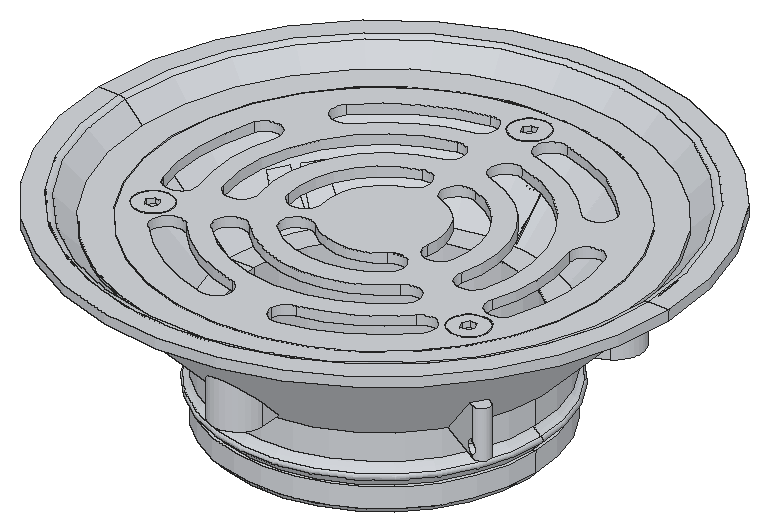
Revit family "Plumbing Fixture_GalvinSpecialised_Floor_Drain_SS_69468X_F", category Plumbing Fixtures, host Face, Revit 2019
Family settings
  Host = Face
  Round Connector Dimension = Use Diameter
  Part Type = Normal
  Cut with Voids When Loaded = No
  Shared = No
  Room Calculation Point = No
Parameters (values of type "Type 1")
  Waste Connection = no
  Vent Connection = no
  Variants = "NA"
  Vandal_Resistant = no
  URL = "http://www.galvinengineering.com.au"
  Thread = "NA"
  Specify_Host = "Face"
  SKU_Code = "69468X"
  Product_Type = "Drain"
  Product_Range = "Specialised"
  PlumbingMaterial_ANZRS = SS
  PlumbingFinish = "SS/ABS"
  Mounting_Surface = "Floor"
  Mounting = "Floor"
  Manufacturer_Phone_No = "1300-514-074"
  Manufacturer_OverallWidth = 0 mm
  Manufacturer_OverallHeight = 0 mm
  Manufacturer_OverallDepth = 0 mm
  Manufacturer = "Galvin Engineering"
  Instructions = ""
  HW Connection = no
  FlowRate = "NA"
  FilterObject_ANZRS = ""
  Description = "SS Slip-Safe Vinyl Bolted Cleanout 150 x 100 PVC/HDPE/CU Slip-In"
  Default Elevation = 1219.2 mm
  CategoryStyleOrType_ANZRS = "Plumbing Fixture"
  CW Connection = no
  Application = "Commercial"
  Anti_Ligature = no
Reference planes
  plane 1 "Center (Front/Back)": y = 0
  plane 2: z = 0
  plane 3 "Center (Left/Right)": x = 0
Forms (mm)
  Revolve 1, void
    sketch origin (0, 0, 0) x (1, 0, 0) y (0, 0, 1)
      loop
        line (0, 0) -> (-92.258, 0) -> (-92.258, -3) -> (-87.815, -3) -> (-51.815, -39) -> (-49.958, -39) -> (-49.958, -62) -> (-47.958, -64) -> (0, -64) -> (0, 0)
      axis (0, 0) -> (0, -64)
    angle from 0 to 360
Dimensions and locks
  aligned and locked: plane 2 to host face
  aligned and locked: level to host face
Nested families
  nested 1: "X_Plumbing Fixture_GalvinSpecialised_Floor_Drain_SS_69468X_F" at (0, 0, 0), type "Type 1"
Definition of nested family "X_Plumbing Fixture_GalvinSpecialised_Floor_Drain_SS_69468X_F"
  Parameters (values of type "Type 1")
    URL = "http://www.galvinengineering.com.au"
    Manufacturer = "Galvin Engineering"
    Description = "DI HI-FLOW FLAT VERT RAINWATER OUTLET (W/- MEM C/RING) 150BSP"
  Reference planes
    plane 1 "Center (Front/Back)": y = 0
    plane 2: z = 0
    plane 3 "Center (Left/Right)": x = 0
  Forms (mm)
    Revolve 1, solid
      sketch origin (-283.115, 0, -118.952) x (1, 0, 0) y (0, 0, 1)
        loop
          line (195.768, 115.952) -> (232.002, 79.719) -> (233.781, 79.719) -> (233.781, 70.464) -> (235.028, 70.464)
          arc (235.028, 70.464) -> (233.807, 68.829) -> (232.212, 67.557) r 8
          arc (232.212, 67.557) -> (231.731, 66.702) -> (232.212, 65.847) r 1
          arc (232.212, 65.847) -> (233.802, 64.58) -> (235.021, 62.952) r 8
          line (235.021, 62.952) -> (233.781, 62.952) -> (233.781, 56.639) -> (235.852, 54.569) -> (241.156, 54.569) -> (241.156, 83.952) -> (232.956, 83.952) -> (200.956, 115.952) -> (195.768, 115.952)
        axis (283.106, 115.952) -> (283.106, 54.569)
      angle from 0 to 360
    Extrusion 2, solid
      sketch origin (-0.008, 0, -6.036) x (1, 0, 0) y (0, 1, 0)
        loop
          circle (0, 0) r 68.5
        loop
          arc (-12.439, 58.543) -> (-29.925, 51.832) -> (-44.48, 40.044) r 59.85
          arc (-44.48, 40.044) -> (-44.11, 32.983) -> (-37.048, 33.353) r 5
          arc (-37.048, 33.353) -> (-24.925, 43.171) -> (-10.361, 48.761) r 49.85
          arc (-10.361, 48.761) -> (-6.509, 54.691) -> (-12.439, 58.543) r 5
        loop
          arc (-10.645, 42.693) -> (-38.105, 22) -> (-42.296, -12.128) r 44
          arc (-42.296, -12.128) -> (-36.111, -15.556) -> (-32.683, -9.372) r 5
          arc (-32.683, -9.372) -> (-29.445, 17) -> (-8.225, 32.99) r 34
          arc (-8.225, 32.99) -> (-4.583, 39.051) -> (-10.645, 42.693) r 5
        loop
          arc (-8.627, 25.954) -> (-23.686, 13.675) -> (-26.79, -5.506) r 27.35
          arc (-26.79, -5.506) -> (-20.886, -9.397) -> (-16.995, -3.493) r 5
          arc (-16.995, -3.493) -> (-15.026, 8.675) -> (-5.472, 16.464) r 17.35
          arc (-5.472, 16.464) -> (-2.305, 22.786) -> (-8.627, 25.954) r 5
        loop
          arc (-47.409, 15.408) -> (-50.619, 21.709) -> (-56.919, 18.499) r 5
          arc (-56.919, 18.499) -> (-59.85, 0) -> (-56.919, -18.499) r 59.85
          arc (-56.919, -18.499) -> (-50.619, -21.709) -> (-47.409, -15.408) r 5
          arc (-47.409, -15.408) -> (-49.85, 0) -> (-47.409, 15.408) r 49.85
        loop
          arc (12.439, 58.543) -> (6.509, 54.691) -> (10.361, 48.761) r 5
          arc (10.361, 48.761) -> (24.925, 43.171) -> (37.048, 33.353) r 49.85
          arc (37.048, 33.353) -> (44.11, 32.983) -> (44.48, 40.044) r 5
          arc (44.48, 40.044) -> (29.925, 51.832) -> (12.439, 58.543) r 59.85
        loop
          arc (10.645, 42.693) -> (4.583, 39.051) -> (8.225, 32.99) r 5
          arc (8.225, 32.99) -> (29.445, 17) -> (32.683, -9.372) r 34
          arc (32.683, -9.372) -> (36.111, -15.556) -> (42.296, -12.128) r 5
          arc (42.296, -12.128) -> (38.105, 22) -> (10.645, 42.693) r 44
        loop
          arc (8.627, 25.954) -> (2.305, 22.786) -> (5.472, 16.464) r 5
          arc (5.472, 16.464) -> (15.026, 8.675) -> (16.995, -3.493) r 17.35
          arc (16.995, -3.493) -> (20.886, -9.397) -> (26.79, -5.506) r 5
          arc (26.79, -5.506) -> (23.686, 13.675) -> (8.627, 25.954) r 27.35
        loop
          arc (47.409, 15.408) -> (49.85, 0) -> (47.409, -15.408) r 49.85
          arc (47.409, -15.408) -> (50.619, -21.709) -> (56.919, -18.499) r 5
          arc (56.919, -18.499) -> (59.85, 0) -> (56.919, 18.499) r 59.85
          arc (56.919, 18.499) -> (50.619, 21.709) -> (47.409, 15.408) r 5
        loop
          arc (-18.163, -20.448) -> (0, -27.35) -> (18.163, -20.448) r 27.35
          arc (18.163, -20.448) -> (18.581, -13.389) -> (11.522, -12.971) r 5
          arc (11.522, -12.971) -> (0, -17.35) -> (-11.522, -12.971) r 17.35
          arc (-11.522, -12.971) -> (-18.581, -13.389) -> (-18.163, -20.448) r 5
        loop
          arc (-24.458, -23.618) -> (-31.528, -23.495) -> (-31.651, -30.565) r 5
          arc (-31.651, -30.565) -> (0, -44) -> (31.651, -30.565) r 44
          arc (31.651, -30.565) -> (31.528, -23.495) -> (24.458, -23.618) r 5
          arc (24.458, -23.618) -> (0, -34) -> (-24.458, -23.618) r 34
        loop
          arc (10.361, -48.761) -> (7.514, -50.505) -> (6.4, -53.652) r 5
          arc (6.4, -53.652) -> (8.253, -57.538) -> (12.439, -58.543) r 5
          arc (12.439, -58.543) -> (29.925, -51.832) -> (44.48, -40.044) r 59.85
          arc (44.48, -40.044) -> (44.11, -32.983) -> (37.048, -33.353) r 5
          arc (37.048, -33.353) -> (24.925, -43.171) -> (10.361, -48.761) r 49.85
        loop
          arc (-44.48, -40.044) -> (-29.925, -51.832) -> (-12.439, -58.543) r 59.85
          arc (-12.439, -58.543) -> (-6.509, -54.691) -> (-10.361, -48.761) r 5
          arc (-10.361, -48.761) -> (-24.925, -43.171) -> (-37.048, -33.353) r 49.85
          arc (-37.048, -33.353) -> (-44.11, -32.983) -> (-44.48, -40.044) r 5
        loop
          circle (0, 59) r 6
        loop
          circle (51.096, -29.5) r 6
        loop
          circle (-51.096, -29.5) r 6
      from -3 to 0
    Extrusion 3, solid
      sketch origin (-0.008, 0, -6.036) x (1, 0, 0) y (0, 1, 0)
        loop
          circle (0, 0) r 68.5
        loop
          circle (0, 59) r 5.85
        loop
          circle (51.096, -29.5) r 5.85
        loop
          circle (-51.096, -29.5) r 5.85
        loop
          circle (0, 0) r 77.697
      from -3 to 0
    Extrusion 4, void
      sketch origin (-0.008, 0, -6.036) x (1, 0, 0) y (0, 1, 0)
        loop
          line (1.155, 61) -> (-1.155, 61) -> (-2.309, 59) -> (-1.155, 57) -> (1.155, 57) -> (2.309, 59) -> (1.155, 61)
        loop
          line (-49.941, -27.5) -> (-52.25, -27.5) -> (-53.405, -29.5) -> (-52.25, -31.5) -> (-49.941, -31.5) -> (-48.786, -29.5) -> (-49.941, -27.5)
        loop
          line (52.25, -27.5) -> (49.941, -27.5) -> (48.786, -29.5) -> (49.941, -31.5) -> (52.25, -31.5) -> (53.405, -29.5) -> (52.25, -27.5)
      from -1.677 to 0
    Revolve 5, solid
      sketch origin (-0.008, 0, 0) x (1, 0, 0) y (0, 0, 1)
        loop
          line (-85.799, 0) -> (-92.25, 0) -> (-92.25, -3) -> (-83.271, -3) -> (-77.697, -9.036) -> (-77.697, -6.929) -> (-83.81, -0.845)
          arc (-83.81, -0.845) -> (-84.723, -0.23) -> (-85.799, 0) r 2.902
        axis (0, 0) -> (0, -9.036)
      angle from 0 to 360
    Extrusion 6, solid
      sketch origin (-0.008, 0, 0) x (1, 0, 0) y (0, 1, 0)
        loop
          arc (-60.355, -31.994) -> (-61.27, -35.409) -> (-57.855, -36.324) r 2.5
          line (-57.855, -36.324) -> (-42.902, -27.691) -> (-45.402, -23.361) -> (-60.355, -31.994)
        loop
          line (60.355, -31.994) -> (45.402, -23.361) -> (42.902, -27.691) -> (57.855, -36.324)
          arc (57.855, -36.324) -> (61.27, -35.409) -> (60.355, -31.994) r 2.5
        loop
          arc (2.5, 67.875) -> (0, 70.375) -> (-2.5, 67.875) r 2.5
          line (-2.5, 67.875) -> (-2.5, 50.609) -> (2.5, 50.609) -> (2.5, 67.875)
      from -39 to -24
    Sweep 7, void
      path origin (0, 0, 0) x (1, 0, 0) y (0, 1, 0)
        loop
          circle (0, 0) r 68.494
      profile origin (0, 68.494, 0) x (0, -1, 0) y (0, 0, 1)
        loop
          circle (0.859, -36.226) r 2
    Revolve 8, void
      sketch origin (0, 0, 0) x (0, 1, 0) y (0, 0, 1)
        loop
          line (64.134, -20.762) -> (0, -20.762) -> (0, -35) -> (49.896, -35) -> (64.134, -20.762)
        axis (0, -20.762) -> (0, -35)
      angle from 0 to 360
    Extrusion 9, solid
      sketch origin (0, 0, 0) x (1, 0, 0) y (0, 1, 0)
        loop
          line (8.044, -59.379) -> (8.044, -52.004) -> (-8.061, -52.004) -> (-8.061, -59.379)
          arc (-8.061, -59.379) -> (-0.008, -67.431) -> (8.044, -59.379) r 8.052
      from -37.221 to -22.614
    Extrusion 10, solid
      sketch origin (0, 0, 0) x (0.500414, -0.865786, 0) y (0.865786, 0.500414, 0)
        loop
          arc (8.044, 59.379) -> (-0.008, 67.431) -> (-8.061, 59.379) r 8.052
          line (-8.061, 59.379) -> (-8.061, 52.004) -> (8.044, 52.004) -> (8.044, 59.379)
      from -37.221 to -22.614
    Extrusion 11, solid
      sketch origin (0, 0, 0) x (-0.500414, -0.865786, 0) y (0.865786, -0.500414, 0)
        loop
          line (8.044, -59.379) -> (8.044, -52.004) -> (-8.061, -52.004) -> (-8.061, -59.379)
          arc (-8.061, -59.379) -> (-0.008, -67.431) -> (8.044, -59.379) r 8.052
      from -37.221 to -22.614
  Cuts and joins
    Extrusion 4 cuts Extrusion 3
    Sweep 7, Revolve 8 cuts Extrusion 6
    Revolve 8 cuts Revolve 1
    Revolve 8 cuts Extrusion 10
    Revolve 8 cuts Extrusion 9
    Revolve 8 cuts Extrusion 11
  Dimensions and locks
    aligned and locked: level to plane 2
